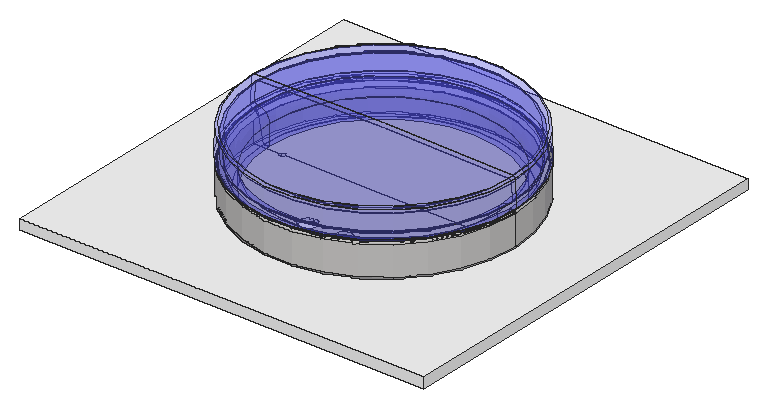
Revit family "BE_50648.2_de_DE", category Leuchten, Revit 2020
Family settings
  Basisbauteil = Fläche
  Bemaßung runder Anschluss = Durchmesser verwenden
  Teiletyp = Normal
  Beim Laden mit Abzugskörper schneiden = Ja
  Lichtquelle = Ja
  Gemeinsam genutzt = Nein
  Raumberechnungspunkt = Ja
Parameters (values of type "BEGA_50648.2_K4")
  built-in parameter 1150104 = 13.35 (stored number, unit not read)
  Wattage = 14.2 W
  Default Elevation = 0 mm
  built-in parameter 1150113 = 1 (stored number, unit not read)
  built-in parameter 1114218 = 1 (stored number, unit not read)
  Umgebungstemperatur = "25 °C"
  URL = "https://www.bega.com/de/produkt/50648.2"
  Typenkommentare = "© 2022 BEGA. Wir behalten uns das Recht vor, technische Änderungen ohne vorherige Ankündigung vorzunehmen."  # constant formula
  Type Image = 50648.2.png
  built-in parameter 1150134 = 12
  built-in parameter 1150109 = 1 (stored number, unit not read)
  Strom = ""
  built-in parameter 1150110 = 1 (stored number, unit not read)
  Spannung = 239.996 V
  Sonderanfertigung = no
  Seriennummer [instance] = "Hier können Sie die eindeutige Seriennummer für das Facility Management eintragen."
  Schutzklasse = "I"
  Schutzart = "IP 64"
  Scheinlast = 0 VA
  Produktdatenblatt = "https://cdn.bega.com/bega/products/50648.2K3/current/documents/data-sheets/de"
  Oberflächentemperatur = ""
  Neigungswinkel = 0.00°
  Modell = "50648.2K4"
  Material_17 = BEGA_Reflektor
  Material_15 = BEGA_Leuchtmedium_matt
  Material_11 = BEGA_Glas_opal
  Material_09 = BEGA_Glas_klar
  Material_06 = BEGA_Oberfläche_Edelstahl_gebürstet
  Material_03 = BEGA_Oberfläche_Weiss_matt
  Material_02 = BEGA_Oberfläche_Silber_matt
  Material_01 [instance] = BEGA_Oberfläche_Grafit_matt
  M_W = no
  M_G = no
  M_A = no
  Logo = 0
  built-in parameter 1114217 = 1 (stored number, unit not read)
  built-in parameter 1150139 = (empty or 0)
  built-in parameter 1150105 = 162.38 (stored number, unit not read)
  built-in parameter 1150114 = 1 (stored number, unit not read)
  Lumens = 2040.54 lm
  built-in parameter 1150115 = 1 (stored number, unit not read)
  Leuchtenlichtstrom = "1283 lm"
  Leuchtenanzahl = ""
  Lebensdauerkriterien = "L70B50 @ 25 °C = 145000 h"
  Lastklassifizierung = Beleuchtung
  built-in parameter 1150112 = 1 (stored number, unit not read)
  Lampenlichtstrom = "2350 lm"
  Lampe = "LED 13.8 W"
  LED_Modulbezeichnung = "LED-0854/940"
  Hersteller = "BEGA"  # constant formula
  Halbstreuwinkel = ""
  Gewicht = "1.95 kg"
  Gebrauchslageneinschränkung [instance] = ""
  Frequenz = "0/50-60 Hz"
  Farbwiedergabeindex = "CRI > 90"
  Farbtemperaturverschiebung bei Dämpfen der Lampe = <Keine Auswahl>
  Farbtemperatur = "4000 K"
  Color Filter = 16777215
  built-in parameter 1150133 = 10 (stored number, unit not read)
  Energieeffizienzklasse = "LED A++ - A"
  built-in parameter 1150137 = (empty or 0)
  built-in parameter 1150132 = (empty or 0)
  ENEC = "ja"
  Dimmbar [instance] = "on/off"
  Datei für fotometrisches Netz = "BE_50648.2K4.IES"
  CE_Konformität = "ja"
  Bestellnummer = "50648.2K4"
  Beschreibung_Sonderanfertigung = "Hier können Sie Informationen zur Sonderanfertigung eintragen."
  Beschreibung = "Decken- und Wandleuchte"
  built-in parameter 1150106 = 1.6238 (stored number, unit not read)
  Befestigungsbohrung = "Ø 5,5 mm"
  Befestigungsabstand = "200 mm"
  Ballwurfsicher = ""
  BEGA_Intern_aus = yes
  BEGA_Intern_an = yes
  BEGA_Intern_Konstruktion = yes
  BEGA_Intern = yes
  BEGA_IES = yes
  BEGA_Dummy = no
  Anschlussleitung = ""
  Anschlussleistung [instance] = "16 W"
  Anschlusskasten = ""
  built-in parameter 1150107 = 4000 (stored number, unit not read)
  built-in parameter 1150102 = (empty or 0)
  built-in parameter 1150138 = (empty or 0)
  Aktualisierung = "2022-05-19T04:00:07"
  Abstand_zur_angestrahlten_Fläche [instance] = ""
  AC/DC = "AC/DC"
Types (2, lengths in mm): name | built-in parameter 1150104 | built-in parameter 1150134 | Modell | built-in parameter 1150105 | Lumens | Leuchtenlichtstrom | Lampenlichtstrom | LED_Modulbezeichnung | Farbtemperatur | Datei für fotometrisches Netz | Bestellnummer | built-in parameter 1150106 | built-in parameter 1150107
  BEGA_50648.2_K3 | 12.886 (stored number, unit not read) | (empty or 0) | "50648.2K3" | 156.73 (stored number, unit not read) | 1969.54 lm | "1231 lm" | "2255 lm" | "LED-0854/930" | "3000 K" | "BE_50648.2K3.IES" | "50648.2K3" | 1.5673 (stored number, unit not read) | 3000 (stored number, unit not read)
  BEGA_50648.2_K4 | 13.35 (stored number, unit not read) | 12 | "50648.2K4" | 162.38 (stored number, unit not read) | 2040.54 lm | "1283 lm" | "2350 lm" | "LED-0854/940" | "4000 K" | "BE_50648.2K4.IES" | "50648.2K4" | 1.6238 (stored number, unit not read) | 4000 (stored number, unit not read)
Reference planes
  plane 1 "Mitte (Vorne/Hinten)": y = 0
  plane 2: z = 0
  plane 3 "Mitte (Links/Rechts)": x = 0
  plane 4 "Links": x = -131.499
  plane 5 "Rechts": x = 131.499
  plane 6 "Unten": y = -131.5
  plane 7 "Oben": y = 131.5
  plane 8 "Vorne": z = 67.043
  plane 9 "Hinten": z = 0
Forms (mm)
  Extrusion 1, solid, material "BEGA_Platte_Weiss"
    sketch origin (0, -1119.2, 0) x (1, 0, 0) y (0, 1, 0)
      loop
        line (-200, 1319.2) -> (-200, 919.2) -> (200, 919.2) -> (200, 1319.2) -> (-200, 1319.2)
    from 0 to -10
  Extrusion 2, solid, material "BEGA_Dummy_matt", visible <- "BEGA_Dummy"
    sketch origin (77.149, -76.023, 0) x (1, 0, 0) y (0, 1, 0)
      loop
        circle (-77.149, 76.023) r 131.499
    from 0 to 67.043
Dimensions and locks
  plane 1 "Mitte (Vorne/Hinten)" to Extrusion 1 = 200 mm
  aligned and locked: plane 2 to Extrusion 1
  aligned and locked: level to Extrusion 1
Nested families
  nested 1: "BE_50648.2" at (0, 0, 0) x (-1, 0, 0) z (0, 0, 1), type "BE_50648.2"
Connectors
  electrical at (0, 0, 0), driven by "Lastklassifizierung", driven by "Spannung", driven by "Scheinlast"
    settings: index 1, voltage 239.996 V, apparent load 0 VA, apparent load phase1 0 VA, apparent load phase2 0 VA, apparent load phase3 0 VA, power factor 1, load classification "Beleuchtung", number of poles 1, system type 31, power factor state 1, is connector primary yes, connector utility no, sub classification motor no, connector description ""
Definition of nested family "BE_50648.2"
  Parameters (values of type "BE_50648.2")
    Default Elevation = 1 mm
    URL = "http://www.bega.de/de/produkt"
    Type Comments = "© 2015 BEGA. Wir behalten uns das Recht vor, technische Änderungen ohne vorherige Ankündigung vorzunehmen. "  # constant formula
    Type Image = (empty or 0)
    Neigungswinkel_um_Z2 = 0.00°
    Neigungswinkel_um_Z1 = 0.00°
    Neigungswinkel_um_Y2 = 0.00°
    Neigungswinkel_um_Y1 = 0.00°
    Neigungswinkel_um_X2 = 0.00°
    Neigungswinkel_um_X1 = 0.00°
    Material_17 = none
    Material_15 = none
    Material_11 = none
    Material_09 = none
    Material_06 = none
    Material_05 = none
    Material_03 = none
    Material_02 = none
    Material_01 = none
    M_W = yes
    M_G = yes
    M_A = yes
    Länge_Platte = 400 mm  # constant formula
    Höhe_Platte = -10 mm  # constant formula
    Manufacturer = "BEGA"  # constant formula
    Drehwinkel_um_Z2 = 0.00°
    Drehwinkel_um_Z1 = 0.00°
    Breite_Platte = 400 mm  # constant formula
  Reference planes
    plane 1 "Mitte (Oben/Unten)": y = 0
    plane 2: z = 0
    plane 3 "Mitte (Links/Rechts)": x = 0
    plane 4: x = -131.499
    plane 5: z = 67.043
    plane 6: x = 131.499
    plane 7: y = -131.5
    plane 8: y = 131.5
  Forms (mm)
    Extrusion 1, solid, detail levels medium
      sketch origin (0, 0, 0) x (1, 0, 0) y (0, 1, 0)
        loop
          line (-200, 200) -> (-200, -200) -> (200, -200) -> (200, 200) -> (-200, 200)
      from 0 to -10 <- "Höhe_Platte"
    Revolve 2, solid, material <- "Material_06", detail levels medium+fine
      sketch origin (0, 0, 0) x (1, 0, 0) y (0, 0, 1)
        loop
          arc (-130.4, 3.5) -> (-129.814, 2.086) -> (-128.39, 1.49) r 2
          line (-128.39, 1.49) -> (0, 1.49) -> (0, 3.5) -> (-128.2, 3.5)
          arc (-128.2, 3.5) -> (-128.907, 3.793) -> (-129.2, 4.5) r 1
          line (-129.2, 4.5) -> (-129.2, 33.002) -> (-124.849, 28.651) -> (-124, 29.499) -> (-128.093, 33.592)
          arc (-128.093, 33.592) -> (-128.532, 33.886) -> (-129.05, 33.99) r 1.35
          arc (-129.05, 33.99) -> (-130.003, 33.596) -> (-130.4, 32.645) r 1.35
          line (-130.4, 32.645) -> (-130.4, 3.5)
        axis (0, 1.49) -> (0, 33.99)
      angle from 0 to 360
    Revolve 3, solid, material <- "Material_06", detail levels medium+fine
      sketch origin (0, 0, 0) x (1, 0, 0) y (0, 0, 1)
        loop
          arc (-109.291, 0.446) -> (-108.533, 0.114) -> (-107.714, 0) r 3
          line (-107.714, 0) -> (-100, 0) -> (-100, 2.209) -> (-112.15, 2.209) -> (-109.291, 0.446)
        axis (-100, 0) -> (-100, 2.209)
      angle from 0 to 360
    Revolve 4, solid, material <- "Material_06", detail levels medium+fine
      sketch origin (0, 0, 0) x (-1, 0, 0) y (0, 0, -1)
        loop
          line (-109.291, -0.446) -> (-112.15, -2.209) -> (-100, -2.209) -> (-100, 0) -> (-107.714, 0)
          arc (-107.714, 0) -> (-108.533, -0.114) -> (-109.291, -0.446) r 3
        axis (-100, 0) -> (-100, -2.209)
      angle from 0 to 360
    Revolve 5, solid, material <- "Material_11", detail levels medium+fine
      sketch origin (0, 0, 0) x (1, 0, 0) y (0, 0, 1)
        loop
          arc (-128.634, 65.043) -> (-129.995, 64.466) -> (-130.588, 63.111) r 2
          line (-130.588, 63.111) -> (-131.499, 37.036)
          arc (-131.499, 37.036) -> (-130.952, 35.588) -> (-129.535, 34.964) r 2
          line (-129.535, 34.964) -> (-124.456, 34.876) -> (-118.5, 6.5) -> (-112.5, 6.5) -> (-112.5, 26.875)
          arc (-112.5, 26.875) -> (-115.966, 35.311) -> (-124.36, 38.875) r 12
          arc (-124.36, 38.875) -> (-126.497, 39.804) -> (-127.324, 41.983) r 3
          line (-127.324, 41.983) -> (-126.762, 58.054)
          arc (-126.762, 58.054) -> (-125.872, 60.084) -> (-123.83, 60.948) r 3
          arc (-123.83, 60.948) -> (-61.918, 62.105) -> (0, 62.842) r 9145.004
          line (0, 62.842) -> (0, 67.043)
          arc (0, 67.043) -> (-64.321, 66.269) -> (-128.634, 65.043) r 9149.205
        axis (0, 6.5) -> (0, 67.043)
      angle from 0 to 360
    Extrusion 6, void
      sketch origin (0, 0, 0) x (0.939692, -0.342021, 0) y (0.342021, 0.939692, 0)
        loop
          circle (-41.07, 61.673) r 8.461
        loop
          circle (-93.969, -34.202) r 2.75
        loop
          circle (93.969, 34.202) r 2.75
        loop
          circle (-8.181, 73.643) r 8.461
      from 0 to 10
  Cuts and joins
    Extrusion 6 cuts Revolve 2
    Extrusion 6 cuts Revolve 3
    Extrusion 6 cuts Revolve 4
    joined: Revolve 2, Revolve 3, Revolve 4
  Dimensions and locks
    equal spacing: Extrusion 1 sketch curve, plane 3 "Mitte (Links/Rechts)", Extrusion 1 sketch curve
    equal spacing: Extrusion 1 sketch curve, plane 1 "Mitte (Oben/Unten)", Extrusion 1 sketch curve
    "Länge_Platte": Extrusion 1 sketch curve to Extrusion 1 sketch curve
    "Breite_Platte": Extrusion 1 sketch curve to Extrusion 1 sketch curve
    aligned and locked: plane 2 to Extrusion 1
    aligned and locked: level to Extrusion 1
  Automatic sketch dimensions
    Revolve 2 sketch curve to Revolve 2 sketch curve = 0 mm  (x7)
    Revolve 2 sketch curve to plane 3 "Mitte (Links/Rechts)" = 0 mm  (x2)
    level to Revolve 2 sketch curve = 29.499 mm
    level to Revolve 2 sketch curve = 28.651 mm
    Revolve 2 sketch curve to Revolve 2 sketch curve = 0.849 mm
    level to Revolve 2 sketch curve = 33.592 mm
    Revolve 2 sketch curve to Revolve 2 sketch curve = 4.093 mm
    level to Revolve 2 sketch curve = 3.5 mm
    Revolve 2 sketch curve to Revolve 2 sketch curve = 3.351 mm
    Revolve 2 sketch curve to Revolve 2 sketch curve = 0.2 mm
    Revolve 2 sketch curve to Revolve 2 sketch curve = 0.957 mm
    level to Revolve 2 sketch curve = 33.002 mm
    Revolve 2 sketch curve to Revolve 2 sketch curve = 0.15 mm  (x2)
    Revolve 2 sketch curve to Revolve 2 sketch curve = 1.2 mm
    level to Revolve 2 sketch curve = 1.49 mm
    Revolve 2 sketch curve to Revolve 2 sketch curve = 0.362 mm
    Revolve 2 sketch curve to Revolve 2 sketch curve = 0.357 mm
    Revolve 2 sketch curve to Revolve 2 sketch curve = 0.01 mm  (x2)
    Revolve 2 sketch curve to level = 1.538 mm
    Revolve 2 sketch curve to Revolve 2 sketch curve = 1 mm
    Revolve 2 sketch curve to Revolve 2 sketch curve = 8.697 mm
    Revolve 5 sketch curve to Revolve 5 sketch curve = 0 mm  (x10)
    Revolve 5 sketch curve to plane 3 "Mitte (Links/Rechts)" = 0 mm  (x2)
    level to Revolve 5 sketch curve = 6.5 mm
    Revolve 5 sketch curve to Revolve 5 sketch curve = 6 mm
    Revolve 5 sketch curve to Revolve 5 sketch curve = 11.264 mm
    Revolve 5 sketch curve to Revolve 5 sketch curve = 0.561 mm
    level to Revolve 5 sketch curve = 34.876 mm
    Revolve 5 sketch curve to Revolve 5 sketch curve = 0.131 mm
    Revolve 5 sketch curve to Revolve 5 sketch curve = 0.044 mm
    level to Revolve 5 sketch curve = 41.983 mm
    Revolve 5 sketch curve to Revolve 5 sketch curve = 2.998 mm  (x2)
    Revolve 5 sketch curve to Revolve 5 sketch curve = 4.825 mm
    Revolve 5 sketch curve to Revolve 5 sketch curve = 5.044 mm
    Revolve 5 sketch curve to Revolve 5 sketch curve = 1.999 mm  (x2)
    level to Revolve 5 sketch curve = 37.036 mm
    plane 3 "Mitte (Links/Rechts)" to Revolve 5 sketch curve = 77.874 mm
    Revolve 5 sketch curve to level = 9081.831 mm
    Revolve 5 sketch curve to Revolve 5 sketch curve = 8 mm
    Revolve 5 sketch curve to Revolve 5 sketch curve = 0.072 mm
    Revolve 5 sketch curve to Revolve 5 sketch curve = 0.109 mm
    Revolve 5 sketch curve to Revolve 5 sketch curve = 16.075 mm
    level to Revolve 5 sketch curve = 62.842 mm
    Revolve 5 sketch curve to Revolve 5 sketch curve = 5.094 mm
    Revolve 5 sketch curve to Revolve 5 sketch curve = 0.068 mm
    Revolve 5 sketch curve to Revolve 5 sketch curve = 4.201 mm
    Revolve 5 sketch curve to Revolve 5 sketch curve = 0.065 mm
    Revolve 5 sketch curve to Revolve 5 sketch curve = 0.001 mm  (x2)
    Revolve 5 sketch curve to Revolve 5 sketch curve = 0.035 mm  (x2)
    Revolve 5 sketch curve to Revolve 5 sketch curve = 0.045 mm
    level to Revolve 5 sketch curve = 34.964 mm
    Revolve 5 sketch curve to Revolve 5 sketch curve = 0.105 mm
    Revolve 5 sketch curve to Revolve 5 sketch curve = 1.307 mm
    Revolve 2 sketch curve to plane 4 = 7.499 mm
    Revolve 5 sketch curve to plane 4 = 18.999 mm
    level to Revolve 3 sketch curve = 2.209 mm
    level to Revolve 3 sketch curve = 3 mm
    Revolve 3 sketch curve to Revolve 3 sketch curve = 4.435 mm
    Revolve 3 sketch curve to Revolve 3 sketch curve = 7.714 mm
    Revolve 3 sketch curve to level = 0 mm
    level to Revolve 3 sketch curve = 0.446 mm
    Revolve 3 sketch curve to Revolve 3 sketch curve = 1.577 mm
    Revolve 3 sketch curve to Revolve 3 sketch curve = 0.002 mm
    Revolve 3 sketch curve to Revolve 3 sketch curve = 0 mm
    Revolve 3 sketch curve to Revolve 3 sketch curve = 0.649 mm
    Revolve 3 sketch curve to Revolve 3 sketch curve = 0.587 mm
    level to Revolve 4 sketch curve = 2.209 mm
    level to Revolve 4 sketch curve = 3 mm
    Revolve 4 sketch curve to Revolve 4 sketch curve = 4.435 mm
    Revolve 4 sketch curve to Revolve 4 sketch curve = 7.714 mm
    Revolve 4 sketch curve to level = 0 mm
    level to Revolve 4 sketch curve = 0.446 mm
    Revolve 4 sketch curve to Revolve 4 sketch curve = 1.577 mm
    Revolve 4 sketch curve to Revolve 4 sketch curve = 0.002 mm
    Revolve 4 sketch curve to Revolve 4 sketch curve = 0 mm
    Revolve 4 sketch curve to Revolve 4 sketch curve = 0.587 mm
    Revolve 4 sketch curve to Revolve 4 sketch curve = 0.649 mm
    Extrusion 6 sketch curve to plane 1 "Mitte (Oben/Unten)" = 0 mm
    Extrusion 6 sketch curve to plane 4 = 31.499 mm
    Extrusion 6 sketch curve to Extrusion 6 sketch curve = 52.899 mm
    Extrusion 6 sketch curve to Extrusion 6 sketch curve = 32.889 mm
    Extrusion 6 sketch curve to Extrusion 6 sketch curve = 68.404 mm
    Extrusion 6 sketch curve to Extrusion 6 sketch curve = 95.875 mm
    Extrusion 6 sketch curve to Extrusion 6 sketch curve = 11.971 mm
    Extrusion 6 sketch curve to Extrusion 6 sketch curve = 102.15 mm
    radius of Extrusion 6 sketch curve = 8.461 mm  (x2)
    radius of Extrusion 6 sketch curve = 2.75 mm  (x2)
